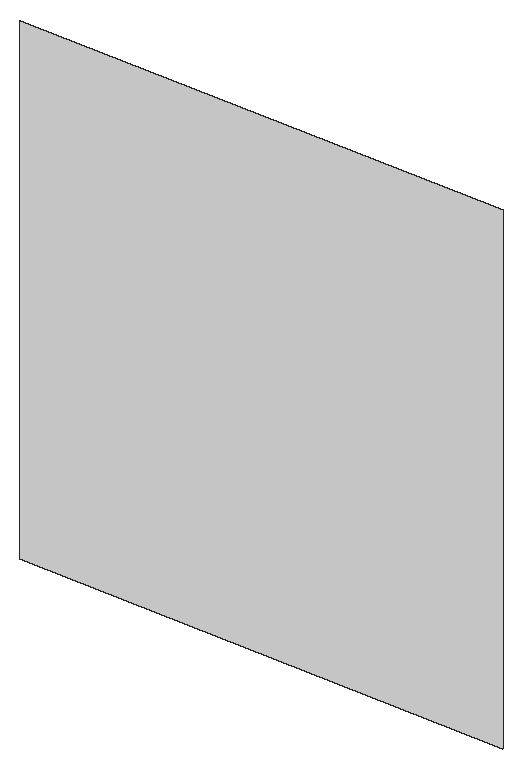
Revit family "PKNail Double Switch", category Electrical Fixtures, host Wall, Revit 2017
Family settings
  Host = Wall
  Maintain Annotation Orientation = No
  Round Connector Dimension = Use Diameter
  Part Type = Normal
  OmniClass Number = 23.80.50.11.14
  OmniClass Title = Switches
  Always vertical = Yes
  Cut with Voids When Loaded = No
  Shared = No
  Room Calculation Point = No
Parameters (values of type "Double Switch")
  Width = 114.00 mm
  PKNail Family Measure Location Centered = yes
  PKNail Family Instance Elevation [instance] = 1168.40 mm
  PKNail Family Fixed Dimensions = "Width:Height"
  Label = "2"
  Height = 114.00 mm
  Material = Plastic - White
Reference planes
  plane 1: y = 0
  plane 2 "Center (Left/Right)": x = 0
  plane 3 "Back": y = 76.2
  plane 4 "Left": x = -57
  plane 5 "Right": x = 57
  plane 6: z = 1162.05
  plane 7: z = 1276.05
  plane 8 "Center (Elevation)": z = 1219.05
  plane 9: y = 80.962
  plane 10: y = 82.55
  plane 11: z = 50.65
Forms (mm)
  Blend 1, solid, material "Plastic - White" <- "Material"
    base sketch origin (0, 76.2, 0) x (1, 0, 0) y (0, 0, 1)
      loop
        line (57, 1276.05) -> (-57, 1276.05) -> (-57, 1162.05) -> (57, 1162.05) -> (57, 1276.05)
    top sketch origin (0, 76.2, 0) x (1, 0, 0) y (0, 0, 1)
      loop
        line (52.238, 1271.288) -> (-52.237, 1271.288) -> (-52.237, 1166.813) -> (52.238, 1166.813) -> (52.238, 1271.288)
    from 0 to -4.762
Lines and regions (mm)
  model lines, style "InvisibleLines"
    curve 1: line (0, 76.2, 1162.05) -> (0, 76.2, 50.65)
Text (mm)
  text "Placement Side" at (0, 1019.848, 3124.603), in view "Right"
  text "Placement Side" at (0, 1206.291, 3571.227), in view "Left"
Dimensions and locks
  locked: plane 3 "Back" to host wall
  "Height": plane 6 to plane 7
  "Width": plane 5 "Right" to plane 4 "Left"
  equal spacing: plane 5 "Right", plane 2 "Center (Left/Right)", plane 4 "Left"
  equal spacing: plane 6, plane 8 "Center (Elevation)", plane 7
  locked: plane 3 "Back" to plane 9 at 4.762
  locked: plane 9 to plane 10 at 1.588
  "PKNail Family Instance Elevation": plane 11 to plane 8 "Center (Elevation)"
  aligned and locked: plane 6 to Blend 1 sketch curve
  aligned and locked: plane 5 "Right" to Blend 1 sketch curve
  aligned and locked: Blend 1 sketch curve to plane 7
  aligned and locked: plane 3 "Back" to nested 1
  aligned and locked: Blend 1 to curve 1
  aligned and locked: curve 1 to plane 2 "Center (Left/Right)"
Automatic sketch dimensions
  plane 4 "Left" to Blend 1 sketch curve = 4.762 mm
  Blend 1 sketch curve to plane 5 "Right" = 4.763 mm
  Blend 1 sketch curve to plane 6 = 4.763 mm
  plane 7 to Blend 1 sketch curve = 4.762 mm
  Blend 1 sketch curve to plane 4 "Left" = 0.00 mm
  curve 1 to plane 11 = 0.00 mm
Nested families
  nested 1: "Switch Annotation w Label" at (-0.091, 76.2, 0), type "Switch Annotation w Label"
Definition of nested family "Switch Annotation w Label"
  Parameters
    Label = "2"
  Reference planes
    plane 1: y = 0
    plane 2: x = 0
  Lines and regions (mm)
    detail lines
      curve 1: arc (0.687, 4.366, 0) -> (-0.687, 4.366, 0) -> (0, 3.175, 0) r 0.794
      curve 2: arc (-0.846, 1.687, 0) -> (0.876, 1.693, 0) -> (0, 3.175, 0) r 0.992
      curve 3: line (0, 1.191, 0) -> (0, 0.222, 0)
  Text (mm)
    label "Label" at (2.034, 1.9, 0), shows "Label"
